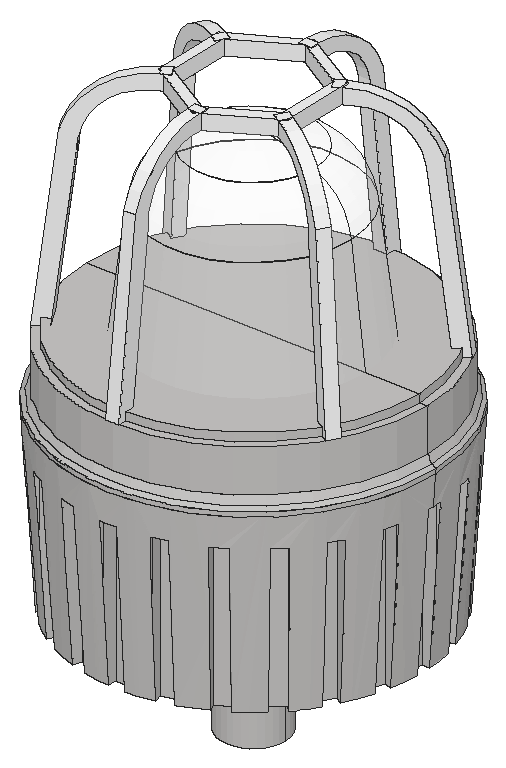
Revit family "EBB", category Lighting Fixtures, host Face, Revit 2014
Parameters (values of type "EBB")
  zz Length 1 [instance] = 0.200"
  Watts = 20 W
  Wattage Comments = "20W"
  Wattage = 20 W
  Warranty = "Fixture: 5 Years Full; Battery: 2 Years Full, 8 Years Pro-Rata"  # constant formula
  Wall Plate Material = Hubbell - Black
  built-in parameter 1150110 = 1 (stored number, unit not read)
  Voltage [instance] = if(Is 120VAC, 120 V, 277 V)  # 120 V
  URL = "https://www.hubbell.com/dual-lite/en"
  Type Comments = "Exit Light"  # constant formula
  built-in parameter 1114217 = 1 (stored number, unit not read)
  Tilt Angle = 60.00°
  built-in parameter 1150109 = 1 (stored number, unit not read)
  built-in parameter 1150134 = 3
  built-in parameter 1150113 = 1 (stored number, unit not read)
  Photometric Web File = "generic"
  built-in parameter 1150142 = (empty or 0)
  built-in parameter 1150105 = 143.24 (stored number, unit not read)
  Lumens = 1800 lm
  built-in parameter 1150115 = 1 (stored number, unit not read)
  built-in parameter 1150137 = (empty or 0)
  built-in parameter 1150139 = (empty or 0)
  built-in parameter 1150112 = 1 (stored number, unit not read)
  built-in parameter 1150114 = 1 (stored number, unit not read)
  built-in parameter 1150132 = (empty or 0)
  built-in parameter 1150102 = (empty or 0)
  built-in parameter 1150107 = 3200 (stored number, unit not read)
  built-in parameter 1150138 = (empty or 0)
  built-in parameter 1150106 = 1.4324 (stored number, unit not read)
  Emit from Circle Diameter = 24.000"
  Emit Shape Visible in Rendering = no
  built-in parameter 1150104 = 8.3613 (stored number, unit not read)
  Product Page URL = "https://www.hubbell.com/dual-lite/en/Products/Lighting-Controls/Emergency-Exit-Lighting/Emergency-Lighting-Units/EBB-Series/p/222307"
  Product Documentation Link = "https://hubbellcdn.com/specsheet/DL_EBB_SPEC.pdf"
  Model = "EBB"
  Manufacturer = "DUAL-LITE"  # constant formula
  Load Classification = Lighting
  Lens = Hubbell - Red Glass
  Lamp = "LED Lamp"  # constant formula
  Is 277VAC [instance] = not(Is 120VAC)  # no
  Is 120VAC [instance] = yes
  Holder Material = Hubbell - Steel
  Glass = Hubbell - light Glass
  Finish = Hubbell - White
  Features = "Emergency luminaire in explosion proof applications\r\n• Medium-Gray, epoxy-clad, copper-free aluminum housing\r\n• Impact resistant, prismatic glass globes with incandescent lamps\r\n• Temperature range: 0ºC to 40ºC (32ºF to 104ºF)\r\n• UL 924 and 844 listed for NEC C1D1 & C1D2 Groups C & D, C2D1 & C2D2, C3D1 & C3D2"  # constant formula
  Dimming Lamp Color Temperature Shift = <None>
  Description = "Self-contained hazardous location emergency light which provides 90 minutes of emergency illumination in environments with high concentrations of gas, explosive vapors and dust"  # constant formula
  Default Elevation = 48.000"
  Color Filter = 16777215
  Certification = "UL 924 Listed\r\nNFPA 101 Life Safety Code\r\nCEC T20 Compliant"  # constant formula
  built-in parameter 1114218 = 1 (stored number, unit not read)
  built-in parameter 1150133 = 10 (stored number, unit not read)
  Application = "Certified to UL924 Standards\r\nUL 844 Hazardous Location Listed"  # constant formula
  Apparent Load = Watts  # 20 VA
Reference planes (in)
  plane 1 "Center (Front/Back)": y = 0
  plane 2: z = 0
  plane 3 "Center (Left/Right)": x = 0
  plane 4: y = -1.25
  plane 5: y = 1.25
  plane 6: y = -2.2
  plane 7: y = 2.2
  plane 8: x = -5.625
  plane 9: x = 5.625
  plane 10: z = 18
Forms (in)
  Revolve 1, solid, material "Hubbell - Steel" <- "Holder Material"
    sketch origin (0, 0, 0) x (1, 0, 0) y (0, 0, 1)
      loop
        line (0, 0) -> (1, 0) -> (1, 1.625) -> (1.88921, 1.86326) -> (1.88921, 3.37941) -> (5.23296, 3.37941) -> (5.625, 8.9858) -> (5.625, 9.1248) -> (5.51198, 9.23782) -> (5.38591, 9.46237) -> (5.38591, 10.7918) -> (5.13591, 10.7918) -> (5.13591, 11.0418) -> (0, 11.0418) -> (0, 0)
      axis (0, 11.0418) -> (0, 0)
    angle from 0 to 360
  Extrusion 2, void
    sketch origin (0, 0, 0) x (0, 1, 0) y (1, 0, 0)
      loop
        line (5.44046, -0.27248) -> (5.79363, -0.27248) -> (5.79363, 0.22752) -> (4.96623, 0.22752) -> (4.96623, -0.27248) -> (5.44046, -0.27248)
      loop
        line (5.32561, 1.1449) -> (5.66674, 1.2363) -> (5.53733, 1.71927) -> (4.73812, 1.50512) -> (4.86753, 1.02216) -> (5.32561, 1.1449)
      loop
        line (5.32561, -1.1449) -> (4.86753, -1.02216) -> (4.73812, -1.50512) -> (5.53733, -1.71927) -> (5.66674, -1.2363) -> (5.32561, -1.1449)
      loop
        line (4.03966, 3.65431) -> (4.28939, 3.90404) -> (3.93584, 4.25759) -> (3.35077, 3.67253) -> (3.70433, 3.31898) -> (4.03966, 3.65431)
      loop
        line (2.95621, 4.57534) -> (3.13279, 4.88119) -> (2.69978, 5.13119) -> (2.28608, 4.41464) -> (2.71909, 4.16464) -> (2.95621, 4.57534)
      loop
        line (4.57534, 2.95621) -> (4.16464, 2.71909) -> (4.41464, 2.28608) -> (5.13119, 2.69978) -> (4.88119, 3.13279) -> (4.57534, 2.95621)
      loop
        line (0.27248, 5.44046) -> (0.27248, 5.79363) -> (-0.22752, 5.79363) -> (-0.22752, 4.96623) -> (0.27248, 4.96623) -> (0.27248, 5.44046)
      loop
        line (-1.1449, 5.32561) -> (-1.2363, 5.66674) -> (-1.71927, 5.53733) -> (-1.50512, 4.73812) -> (-1.02216, 4.86753) -> (-1.1449, 5.32561)
      loop
        line (1.1449, 5.32561) -> (1.02216, 4.86753) -> (1.50512, 4.73812) -> (1.71927, 5.53733) -> (1.2363, 5.66674) -> (1.1449, 5.32561)
      loop
        line (-3.65431, 4.03966) -> (-3.90404, 4.28939) -> (-4.25759, 3.93584) -> (-3.67253, 3.35077) -> (-3.31898, 3.70433) -> (-3.65431, 4.03966)
      loop
        line (-4.57534, 2.95621) -> (-4.88119, 3.13279) -> (-5.13119, 2.69978) -> (-4.41464, 2.28608) -> (-4.16464, 2.71909) -> (-4.57534, 2.95621)
      loop
        line (-2.95621, 4.57534) -> (-2.71909, 4.16464) -> (-2.28608, 4.41464) -> (-2.69978, 5.13119) -> (-3.13279, 4.88119) -> (-2.95621, 4.57534)
      loop
        line (-0.27248, -5.44046) -> (-0.27248, -5.79363) -> (0.22752, -5.79363) -> (0.22752, -4.96623) -> (-0.27248, -4.96623) -> (-0.27248, -5.44046)
      loop
        line (1.1449, -5.32561) -> (1.2363, -5.66674) -> (1.71927, -5.53733) -> (1.50512, -4.73812) -> (1.02216, -4.86753) -> (1.1449, -5.32561)
      loop
        line (-1.1449, -5.32561) -> (-1.02216, -4.86753) -> (-1.50512, -4.73812) -> (-1.71927, -5.53733) -> (-1.2363, -5.66674) -> (-1.1449, -5.32561)
      loop
        line (3.65431, -4.03966) -> (3.90404, -4.28939) -> (4.25759, -3.93584) -> (3.67253, -3.35077) -> (3.31898, -3.70433) -> (3.65431, -4.03966)
      loop
        line (4.57534, -2.95621) -> (4.88119, -3.13279) -> (5.13119, -2.69978) -> (4.41464, -2.28608) -> (4.16464, -2.71909) -> (4.57534, -2.95621)
      loop
        line (2.95621, -4.57534) -> (2.71909, -4.16464) -> (2.28608, -4.41464) -> (2.69978, -5.13119) -> (3.13279, -4.88119) -> (2.95621, -4.57534)
      loop
        line (-3.65431, -4.03966) -> (-3.31898, -3.70433) -> (-3.67253, -3.35077) -> (-4.25759, -3.93584) -> (-3.90404, -4.28939) -> (-3.65431, -4.03966)
      loop
        line (-4.57534, -2.95621) -> (-4.16464, -2.71909) -> (-4.41464, -2.28608) -> (-5.13119, -2.69978) -> (-4.88119, -3.13279) -> (-4.57534, -2.95621)
      loop
        line (-2.95621, -4.57534) -> (-3.13279, -4.88119) -> (-2.69978, -5.13119) -> (-2.28608, -4.41464) -> (-2.71909, -4.16464) -> (-2.95621, -4.57534)
      loop
        line (-5.44046, -0.27248) -> (-4.96623, -0.27248) -> (-4.96623, 0.22752) -> (-5.79363, 0.22752) -> (-5.79363, -0.27248) -> (-5.44046, -0.27248)
      loop
        line (-5.32561, 1.1449) -> (-4.86753, 1.02216) -> (-4.73812, 1.50512) -> (-5.53733, 1.71927) -> (-5.66674, 1.2363) -> (-5.32561, 1.1449)
      loop
        line (-5.32561, -1.1449) -> (-5.66674, -1.2363) -> (-5.53733, -1.71927) -> (-4.73812, -1.50512) -> (-4.86753, -1.02216) -> (-5.32561, -1.1449)
    from -8.07148 to -3.37941
  Extrusion 3, solid, material "Hubbell - White" <- "Finish"
    sketch origin (0, 0, 0) x (0, 1, 0) y (0, 0, 1)
      loop
        line (1.95953, 18) -> (1.95953, 17.52178) -> (2.50463, 17.52178)
        arc (2.50463, 17.52178) -> (3.75463, 17.00401) -> (4.2724, 15.75401) r 1.76777
        line (4.2724, 15.75401) -> (4.88591, 10.7918) -> (5.38591, 10.7918) -> (4.70746, 16.27927)
        arc (4.70746, 16.27927) -> (3.75, 17.52705) -> (2.25, 18) r 2.61517
        line (2.25, 18) -> (1.95953, 18)
    from -0.1517 to 0.22752
  Extrusion 4, solid, material "Hubbell - White" <- "Finish"
    sketch origin (0, 0, 0) x (0.866025, 0.5, 0) y (0, 0, 1)
      loop
        line (1.9375, 18) -> (1.9375, 17.52178) -> (2.50463, 17.52178)
        arc (2.50463, 17.52178) -> (3.75463, 17.00401) -> (4.2724, 15.75401) r 1.76777
        line (4.2724, 15.75401) -> (4.88591, 10.7918) -> (5.38591, 10.7918) -> (4.70746, 16.27927)
        arc (4.70746, 16.27927) -> (3.75, 17.52705) -> (2.25, 18) r 2.61517
        line (2.25, 18) -> (1.9375, 18)
    from -0.1517 to 0.22752
  Extrusion 5, solid, material "Hubbell - White" <- "Finish"
    sketch origin (0, 0, 0) x (0.866025, -0.5, 0) y (0, 0, 1)
      loop
        line (1.95953, 18) -> (1.95953, 17.52178) -> (2.50463, 17.52178)
        arc (2.50463, 17.52178) -> (3.75463, 17.00401) -> (4.2724, 15.75401) r 1.76777
        line (4.2724, 15.75401) -> (4.88591, 10.7918) -> (5.38591, 10.7918) -> (4.70746, 16.27927)
        arc (4.70746, 16.27927) -> (3.75, 17.52705) -> (2.25, 18) r 2.61517
        line (2.25, 18) -> (1.95953, 18)
    from -0.1517 to 0.22752
  Extrusion 6, solid, material "Hubbell - White" <- "Finish"
    sketch origin (0, 0, 0) x (0, -1, 0) y (0, 0, 1)
      loop
        line (1.95953, 18) -> (1.95953, 17.52178) -> (2.50463, 17.52178)
        arc (2.50463, 17.52178) -> (3.75463, 17.00401) -> (4.2724, 15.75401) r 1.76777
        line (4.2724, 15.75401) -> (4.88591, 10.7918) -> (5.38591, 10.7918) -> (4.70746, 16.27927)
        arc (4.70746, 16.27927) -> (3.75, 17.52705) -> (2.25, 18) r 2.61517
        line (2.25, 18) -> (1.95953, 18)
    from -0.1517 to 0.22752
  Extrusion 7, solid, material "Hubbell - White" <- "Finish"
    sketch origin (0, 0, 0) x (-0.866025, 0.5, 0) y (0, 0, -1)
      loop
        line (1.95953, -18) -> (2.25, -18)
        arc (2.25, -18) -> (3.75, -17.52705) -> (4.70746, -16.27927) r 2.61517
        line (4.70746, -16.27927) -> (5.38591, -10.7918) -> (4.88591, -10.7918) -> (4.2724, -15.75401)
        arc (4.2724, -15.75401) -> (3.75463, -17.00401) -> (2.50463, -17.52178) r 1.76777
        line (2.50463, -17.52178) -> (1.95953, -17.52178) -> (1.95953, -18)
    from -0.1517 to 0.22752
  Extrusion 8, solid, material "Hubbell - White" <- "Finish"
    sketch origin (0, 0, 0) x (-0.866025, -0.5, 0) y (0, 0, -1)
      loop
        line (1.95953, -18) -> (2.25, -18)
        arc (2.25, -18) -> (3.75, -17.52705) -> (4.70746, -16.27927) r 2.61517
        line (4.70746, -16.27927) -> (5.38591, -10.7918) -> (4.88591, -10.7918) -> (4.2724, -15.75401)
        arc (4.2724, -15.75401) -> (3.75463, -17.00401) -> (2.50463, -17.52178) r 1.76777
        line (2.50463, -17.52178) -> (1.95953, -17.52178) -> (1.95953, -18)
    from -0.1517 to 0.22752
  Extrusion 9, solid, material "Hubbell - White" <- "Finish"
    sketch origin (0, 0, 0) x (1, 0, 0) y (0, 1, 0)
      loop
        line (0.007, 2.30594) -> (-1.9935, 1.15903) -> (-2.0005, -1.14691) -> (-0.007, -2.30594) -> (1.9935, -1.15903) -> (2.0005, 1.14691) -> (0.007, 2.30594)
      loop
        line (1.69998, 0.97461) -> (0.00595, 1.95953) -> (-1.69403, 0.98492) -> (-1.69998, -0.97461) -> (-0.00595, -1.95953) -> (1.69403, -0.98492) -> (1.69998, 0.97461)
    from 17.52178 to 18
  Revolve 10, solid, material "Hubbell - light Glass" <- "Glass"
    sketch origin (0, 0, 0) x (1, 0, 0) y (0, 0, 1)
      loop
        line (0, 10.7918) -> (3.5, 10.7918) -> (3.04001, 14.53808)
        arc (3.04001, 14.53808) -> (2.67195, 15.47129) -> (1.89706, 16.1084) r 2
        arc (1.89706, 16.1084) -> (0.97001, 16.45112) -> (0, 16.64075) r 6.14391
        line (0, 16.64075) -> (0, 10.7918)
      axis (0, 16.64075) -> (0, 10.7918)
    angle from 0 to 360
Cuts and joins
  Extrusion 2 cuts Revolve 1
Dimensions and locks (in)
  aligned and locked: plane 2 to host face
  aligned and locked: level to host face
Connectors (in)
  electrical at (-0.00422, 2.99593, 3.37941), driven by "Voltage", driven by "Apparent Load"
    settings: on cut or joined group of Revolve 1, Extrusion 2, index 1, voltage 120 V, apparent load 20 VA, apparent load phase1 0 VA, apparent load phase2 0 VA, apparent load phase3 0 VA, power factor 1, load classification "Other", number of poles 1, system type 30, power factor state 1, is connector primary yes, connector utility no, sub classification motor no, connector description "Lighting Connector"
